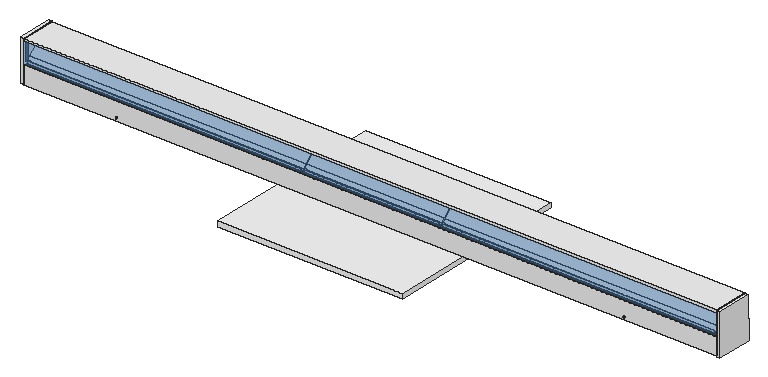
Revit family "BE_50807.1_de_DE", category Leuchten, Revit 2020 (continued)
Definition of nested family "BE_50807.1"
  Forms (mm)
    Extrusion 257, solid, material <- "Material_15"
      sketch origin (-452.785, 0, 0) x (0, 1, 0) y (0, 0, 1)
        loop
          line (-16.705, 78.821) -> (-13.886, 77.795) -> (-13.617, 78.534) -> (-16.436, 79.56) -> (-16.705, 78.821)
      from 130.315 to 133.315
    Extrusion 258, solid, material <- "Material_15"
      sketch origin (-463.769, 0, 0) x (0, 1, 0) y (0, 0, 1)
        loop
          line (16.705, 78.821) -> (16.436, 79.56) -> (13.617, 78.534) -> (13.886, 77.795) -> (16.705, 78.821)
        loop
          line (-16.705, 78.821) -> (-13.886, 77.795) -> (-13.617, 78.534) -> (-16.436, 79.56) -> (-16.705, 78.821)
      from 130.315 to 133.315
    Extrusion 259, solid, material <- "Material_15"
      sketch origin (-474.754, 0, 0) x (0, 1, 0) y (0, 0, 1)
        loop
          line (16.705, 78.821) -> (16.436, 79.56) -> (13.617, 78.534) -> (13.886, 77.795) -> (16.705, 78.821)
        loop
          line (-16.705, 78.821) -> (-13.886, 77.795) -> (-13.617, 78.534) -> (-16.436, 79.56) -> (-16.705, 78.821)
      from 130.315 to 133.315
    Extrusion 260, solid, material <- "Material_15"
      sketch origin (-485.739, 0, 0) x (0, 1, 0) y (0, 0, 1)
        loop
          line (16.705, 78.821) -> (16.436, 79.56) -> (13.617, 78.534) -> (13.886, 77.795) -> (16.705, 78.821)
        loop
          line (-16.705, 78.821) -> (-13.886, 77.795) -> (-13.617, 78.534) -> (-16.436, 79.56) -> (-16.705, 78.821)
      from 130.315 to 133.315
    Extrusion 261, solid, material <- "Material_15"
      sketch origin (-496.723, 0, 0) x (0, 1, 0) y (0, 0, 1)
        loop
          line (16.705, 78.821) -> (16.436, 79.56) -> (13.617, 78.534) -> (13.886, 77.795) -> (16.705, 78.821)
        loop
          line (-16.705, 78.821) -> (-13.886, 77.795) -> (-13.617, 78.534) -> (-16.436, 79.56) -> (-16.705, 78.821)
      from 130.315 to 133.315
    Extrusion 262, solid, material <- "Material_15"
      sketch origin (-507.708, 0, 0) x (0, 1, 0) y (0, 0, 1)
        loop
          line (16.705, 78.821) -> (16.436, 79.56) -> (13.617, 78.534) -> (13.886, 77.795) -> (16.705, 78.821)
        loop
          line (-16.705, 78.821) -> (-13.886, 77.795) -> (-13.617, 78.534) -> (-16.436, 79.56) -> (-16.705, 78.821)
      from 130.315 to 133.315
    Extrusion 263, solid, material <- "Material_15"
      sketch origin (-518.692, 0, 0) x (0, 1, 0) y (0, 0, 1)
        loop
          line (16.705, 78.821) -> (16.436, 79.56) -> (13.617, 78.534) -> (13.886, 77.795) -> (16.705, 78.821)
        loop
          line (-16.705, 78.821) -> (-13.886, 77.795) -> (-13.617, 78.534) -> (-16.436, 79.56) -> (-16.705, 78.821)
      from 130.315 to 133.315
    Extrusion 264, solid, material <- "Material_15"
      sketch origin (-529.677, 0, 0) x (0, 1, 0) y (0, 0, 1)
        loop
          line (16.705, 78.821) -> (16.436, 79.56) -> (13.617, 78.534) -> (13.886, 77.795) -> (16.705, 78.821)
        loop
          line (-16.705, 78.821) -> (-13.886, 77.795) -> (-13.617, 78.534) -> (-16.436, 79.56) -> (-16.705, 78.821)
      from 130.315 to 133.315
    Extrusion 265, solid, material <- "Material_15"
      sketch origin (-540.662, 0, 0) x (0, 1, 0) y (0, 0, 1)
        loop
          line (16.705, 78.821) -> (16.436, 79.56) -> (13.617, 78.534) -> (13.886, 77.795) -> (16.705, 78.821)
        loop
          line (-16.705, 78.821) -> (-13.886, 77.795) -> (-13.617, 78.534) -> (-16.436, 79.56) -> (-16.705, 78.821)
      from 130.315 to 133.315
    Extrusion 266, solid, material <- "Material_15"
      sketch origin (-551.646, 0, 0) x (0, 1, 0) y (0, 0, 1)
        loop
          line (16.705, 78.821) -> (16.436, 79.56) -> (13.617, 78.534) -> (13.886, 77.795) -> (16.705, 78.821)
        loop
          line (-16.705, 78.821) -> (-13.886, 77.795) -> (-13.617, 78.534) -> (-16.436, 79.56) -> (-16.705, 78.821)
      from 130.315 to 133.315
    Extrusion 267, solid, material <- "Material_15"
      sketch origin (-562.631, 0, 0) x (0, 1, 0) y (0, 0, 1)
        loop
          line (16.705, 78.821) -> (16.436, 79.56) -> (13.617, 78.534) -> (13.886, 77.795) -> (16.705, 78.821)
        loop
          line (-16.705, 78.821) -> (-13.886, 77.795) -> (-13.617, 78.534) -> (-16.436, 79.56) -> (-16.705, 78.821)
      from 130.315 to 133.315
    Extrusion 268, solid, material <- "Material_15"
      sketch origin (-263.631, 0, 0) x (0, 1, 0) y (0, 0, 1)
        loop
          line (16.705, 78.821) -> (16.436, 79.56) -> (13.617, 78.534) -> (13.886, 77.795) -> (16.705, 78.821)
        loop
          line (-16.705, 78.821) -> (-13.886, 77.795) -> (-13.617, 78.534) -> (-16.436, 79.56) -> (-16.705, 78.821)
      from 130.315 to 133.315
    Extrusion 269, solid, material <- "Material_15"
      sketch origin (-263.631, 0, 0) x (0, 1, 0) y (0, 0, 1)
        loop
          line (16.705, 78.821) -> (16.436, 79.56) -> (13.617, 78.534) -> (13.886, 77.795) -> (16.705, 78.821)
        loop
          line (-16.705, 78.821) -> (-13.886, 77.795) -> (-13.617, 78.534) -> (-16.436, 79.56) -> (-16.705, 78.821)
      from 130.315 to 133.315
    Extrusion 270, solid, material <- "Material_15"
      sketch origin (-263.631, 0, 0) x (0, 1, 0) y (0, 0, 1)
        loop
          line (16.705, 78.821) -> (16.436, 79.56) -> (13.617, 78.534) -> (13.886, 77.795) -> (16.705, 78.821)
        loop
          line (-16.705, 78.821) -> (-13.886, 77.795) -> (-13.617, 78.534) -> (-16.436, 79.56) -> (-16.705, 78.821)
      from 130.315 to 133.315
    Extrusion 271, solid, material <- "Material_15"
      sketch origin (-263.631, 0, 0) x (0, 1, 0) y (0, 0, 1)
        loop
          line (16.705, 78.821) -> (16.436, 79.56) -> (13.617, 78.534) -> (13.886, 77.795) -> (16.705, 78.821)
        loop
          line (-16.705, 78.821) -> (-13.886, 77.795) -> (-13.617, 78.534) -> (-16.436, 79.56) -> (-16.705, 78.821)
      from 130.315 to 133.315
    Extrusion 272, solid, material <- "Material_15"
      sketch origin (-263.631, 0, 0) x (0, 1, 0) y (0, 0, 1)
        loop
          line (16.705, 78.821) -> (16.436, 79.56) -> (13.617, 78.534) -> (13.886, 77.795) -> (16.705, 78.821)
        loop
          line (-16.705, 78.821) -> (-13.886, 77.795) -> (-13.617, 78.534) -> (-16.436, 79.56) -> (-16.705, 78.821)
      from 130.315 to 133.315
    Extrusion 273, solid, material <- "Material_15"
      sketch origin (-263.631, 0, 0) x (0, 1, 0) y (0, 0, 1)
        loop
          line (16.705, 78.821) -> (16.436, 79.56) -> (13.617, 78.534) -> (13.886, 77.795) -> (16.705, 78.821)
        loop
          line (-16.705, 78.821) -> (-13.886, 77.795) -> (-13.617, 78.534) -> (-16.436, 79.56) -> (-16.705, 78.821)
      from 130.315 to 133.315
    Extrusion 274, solid, material <- "Material_15"
      sketch origin (-263.631, 0, 0) x (0, 1, 0) y (0, 0, 1)
        loop
          line (16.705, 78.821) -> (16.436, 79.56) -> (13.617, 78.534) -> (13.886, 77.795) -> (16.705, 78.821)
        loop
          line (-16.705, 78.821) -> (-13.886, 77.795) -> (-13.617, 78.534) -> (-16.436, 79.56) -> (-16.705, 78.821)
      from 130.315 to 133.315
    Extrusion 275, solid, material <- "Material_15"
      sketch origin (-263.631, 0, 0) x (0, 1, 0) y (0, 0, 1)
        loop
          line (16.705, 78.821) -> (16.436, 79.56) -> (13.617, 78.534) -> (13.886, 77.795) -> (16.705, 78.821)
        loop
          line (-16.705, 78.821) -> (-13.886, 77.795) -> (-13.617, 78.534) -> (-16.436, 79.56) -> (-16.705, 78.821)
      from 130.315 to 133.315
    Extrusion 276, solid, material <- "Material_15"
      sketch origin (-263.631, 0, 0) x (0, 1, 0) y (0, 0, 1)
        loop
          line (16.705, 78.821) -> (16.436, 79.56) -> (13.617, 78.534) -> (13.886, 77.795) -> (16.705, 78.821)
        loop
          line (-16.705, 78.821) -> (-13.886, 77.795) -> (-13.617, 78.534) -> (-16.436, 79.56) -> (-16.705, 78.821)
      from 130.315 to 133.315
    Extrusion 277, solid, material <- "Material_15"
      sketch origin (-263.631, 0, 0) x (0, 1, 0) y (0, 0, 1)
        loop
          line (16.705, 78.821) -> (16.436, 79.56) -> (13.617, 78.534) -> (13.886, 77.795) -> (16.705, 78.821)
        loop
          line (-16.705, 78.821) -> (-13.886, 77.795) -> (-13.617, 78.534) -> (-16.436, 79.56) -> (-16.705, 78.821)
      from 130.315 to 133.315
    Extrusion 278, solid, material <- "Material_15"
      sketch origin (-263.631, 0, 0) x (0, 1, 0) y (0, 0, 1)
        loop
          line (16.705, 78.821) -> (16.436, 79.56) -> (13.617, 78.534) -> (13.886, 77.795) -> (16.705, 78.821)
        loop
          line (-16.705, 78.821) -> (-13.886, 77.795) -> (-13.617, 78.534) -> (-16.436, 79.56) -> (-16.705, 78.821)
      from 130.315 to 133.315
    Extrusion 279, solid, material <- "Material_15"
      sketch origin (-263.631, 0, 0) x (0, 1, 0) y (0, 0, 1)
        loop
          line (16.705, 78.821) -> (16.436, 79.56) -> (13.617, 78.534) -> (13.886, 77.795) -> (16.705, 78.821)
        loop
          line (-16.705, 78.821) -> (-13.886, 77.795) -> (-13.617, 78.534) -> (-16.436, 79.56) -> (-16.705, 78.821)
      from 130.315 to 133.315
    Extrusion 280, solid, material <- "Material_15"
      sketch origin (-263.631, 0, 0) x (0, 1, 0) y (0, 0, 1)
        loop
          line (16.705, 78.821) -> (16.436, 79.56) -> (13.617, 78.534) -> (13.886, 77.795) -> (16.705, 78.821)
        loop
          line (-16.705, 78.821) -> (-13.886, 77.795) -> (-13.617, 78.534) -> (-16.436, 79.56) -> (-16.705, 78.821)
      from 130.315 to 133.315
    Extrusion 281, solid, material <- "Material_15"
      sketch origin (-263.631, 0, 0) x (0, 1, 0) y (0, 0, 1)
        loop
          line (16.705, 78.821) -> (16.436, 79.56) -> (13.617, 78.534) -> (13.886, 77.795) -> (16.705, 78.821)
        loop
          line (-16.705, 78.821) -> (-13.886, 77.795) -> (-13.617, 78.534) -> (-16.436, 79.56) -> (-16.705, 78.821)
      from 130.315 to 133.315
    Extrusion 282, solid, material <- "Material_15"
      sketch origin (-263.631, 0, 0) x (0, 1, 0) y (0, 0, 1)
        loop
          line (16.705, 78.821) -> (16.436, 79.56) -> (13.617, 78.534) -> (13.886, 77.795) -> (16.705, 78.821)
        loop
          line (-16.705, 78.821) -> (-13.886, 77.795) -> (-13.617, 78.534) -> (-16.436, 79.56) -> (-16.705, 78.821)
      from 130.315 to 133.315
    Extrusion 283, solid, material <- "Material_15"
      sketch origin (-263.631, 0, 0) x (0, 1, 0) y (0, 0, 1)
        loop
          line (16.705, 78.821) -> (16.436, 79.56) -> (13.617, 78.534) -> (13.886, 77.795) -> (16.705, 78.821)
        loop
          line (-16.705, 78.821) -> (-13.886, 77.795) -> (-13.617, 78.534) -> (-16.436, 79.56) -> (-16.705, 78.821)
      from 130.315 to 133.315
    Extrusion 284, solid, material <- "Material_15"
      sketch origin (-263.631, 0, 0) x (0, 1, 0) y (0, 0, 1)
        loop
          line (16.705, 78.821) -> (16.436, 79.56) -> (13.617, 78.534) -> (13.886, 77.795) -> (16.705, 78.821)
        loop
          line (-16.705, 78.821) -> (-13.886, 77.795) -> (-13.617, 78.534) -> (-16.436, 79.56) -> (-16.705, 78.821)
      from 130.315 to 133.315
    Extrusion 285, solid, material <- "Material_15"
      sketch origin (-263.631, 0, 0) x (0, 1, 0) y (0, 0, 1)
        loop
          line (16.705, 78.821) -> (16.436, 79.56) -> (13.617, 78.534) -> (13.886, 77.795) -> (16.705, 78.821)
        loop
          line (-16.705, 78.821) -> (-13.886, 77.795) -> (-13.617, 78.534) -> (-16.436, 79.56) -> (-16.705, 78.821)
      from 130.315 to 133.315
    Extrusion 286, solid, material <- "Material_15"
      sketch origin (-263.631, 0, 0) x (0, 1, 0) y (0, 0, 1)
        loop
          line (16.705, 78.821) -> (16.436, 79.56) -> (13.617, 78.534) -> (13.886, 77.795) -> (16.705, 78.821)
        loop
          line (-16.705, 78.821) -> (-13.886, 77.795) -> (-13.617, 78.534) -> (-16.436, 79.56) -> (-16.705, 78.821)
      from 130.315 to 133.315
    Extrusion 287, solid, material <- "Material_15"
      sketch origin (-263.631, 0, 0) x (0, 1, 0) y (0, 0, 1)
        loop
          line (16.705, 78.821) -> (16.436, 79.56) -> (13.617, 78.534) -> (13.886, 77.795) -> (16.705, 78.821)
        loop
          line (-16.705, 78.821) -> (-13.886, 77.795) -> (-13.617, 78.534) -> (-16.436, 79.56) -> (-16.705, 78.821)
      from 130.315 to 133.315
    Extrusion 288, solid, material <- "Material_15"
      sketch origin (-263.631, 0, 0) x (0, 1, 0) y (0, 0, 1)
        loop
          line (16.705, 78.821) -> (16.436, 79.56) -> (13.617, 78.534) -> (13.886, 77.795) -> (16.705, 78.821)
        loop
          line (-16.705, 78.821) -> (-13.886, 77.795) -> (-13.617, 78.534) -> (-16.436, 79.56) -> (-16.705, 78.821)
      from 130.315 to 133.315
    Extrusion 289, solid, material <- "Material_15"
      sketch origin (-263.631, 0, 0) x (0, 1, 0) y (0, 0, 1)
        loop
          line (16.705, 78.821) -> (16.436, 79.56) -> (13.617, 78.534) -> (13.886, 77.795) -> (16.705, 78.821)
        loop
          line (-16.705, 78.821) -> (-13.886, 77.795) -> (-13.617, 78.534) -> (-16.436, 79.56) -> (-16.705, 78.821)
      from 130.315 to 133.315
    Extrusion 290, solid, material <- "Material_15"
      sketch origin (-263.631, 0, 0) x (0, 1, 0) y (0, 0, 1)
        loop
          line (16.705, 78.821) -> (16.436, 79.56) -> (13.617, 78.534) -> (13.886, 77.795) -> (16.705, 78.821)
        loop
          line (-16.705, 78.821) -> (-13.886, 77.795) -> (-13.617, 78.534) -> (-16.436, 79.56) -> (-16.705, 78.821)
      from 130.315 to 133.315
    Extrusion 291, solid, material <- "Material_15"
      sketch origin (-263.631, 0, 0) x (0, 1, 0) y (0, 0, 1)
        loop
          line (16.705, 78.821) -> (16.436, 79.56) -> (13.617, 78.534) -> (13.886, 77.795) -> (16.705, 78.821)
        loop
          line (-16.705, 78.821) -> (-13.886, 77.795) -> (-13.617, 78.534) -> (-16.436, 79.56) -> (-16.705, 78.821)
      from 130.315 to 133.315
    Extrusion 292, solid, material <- "Material_15"
      sketch origin (-263.631, 0, 0) x (0, 1, 0) y (0, 0, 1)
        loop
          line (16.705, 78.821) -> (16.436, 79.56) -> (13.617, 78.534) -> (13.886, 77.795) -> (16.705, 78.821)
        loop
          line (-16.705, 78.821) -> (-13.886, 77.795) -> (-13.617, 78.534) -> (-16.436, 79.56) -> (-16.705, 78.821)
      from 130.315 to 133.315
    Extrusion 293, solid, material <- "Material_15"
      sketch origin (-263.631, 0, 0) x (0, 1, 0) y (0, 0, 1)
        loop
          line (16.705, 78.821) -> (16.436, 79.56) -> (13.617, 78.534) -> (13.886, 77.795) -> (16.705, 78.821)
        loop
          line (-16.705, 78.821) -> (-13.886, 77.795) -> (-13.617, 78.534) -> (-16.436, 79.56) -> (-16.705, 78.821)
      from 130.315 to 133.315
    Extrusion 294, solid, material <- "Material_15"
      sketch origin (-263.631, 0, 0) x (0, 1, 0) y (0, 0, 1)
        loop
          line (16.705, 78.821) -> (16.436, 79.56) -> (13.617, 78.534) -> (13.886, 77.795) -> (16.705, 78.821)
        loop
          line (-16.705, 78.821) -> (-13.886, 77.795) -> (-13.617, 78.534) -> (-16.436, 79.56) -> (-16.705, 78.821)
      from 130.315 to 133.315
    Extrusion 295, solid, material <- "Material_15"
      sketch origin (-263.631, 0, 0) x (0, 1, 0) y (0, 0, 1)
        loop
          line (16.705, 78.821) -> (16.436, 79.56) -> (13.617, 78.534) -> (13.886, 77.795) -> (16.705, 78.821)
        loop
          line (-16.705, 78.821) -> (-13.886, 77.795) -> (-13.617, 78.534) -> (-16.436, 79.56) -> (-16.705, 78.821)
      from 130.315 to 133.315
    Extrusion 296, solid, material <- "Material_15"
      sketch origin (-263.631, 0, 0) x (0, 1, 0) y (0, 0, 1)
        loop
          line (16.705, 78.821) -> (16.436, 79.56) -> (13.617, 78.534) -> (13.886, 77.795) -> (16.705, 78.821)
        loop
          line (-16.705, 78.821) -> (-13.886, 77.795) -> (-13.617, 78.534) -> (-16.436, 79.56) -> (-16.705, 78.821)
      from 130.315 to 133.315
    Extrusion 297, solid, material <- "Material_15"
      sketch origin (-263.631, 0, 0) x (0, 1, 0) y (0, 0, 1)
        loop
          line (16.705, 78.821) -> (16.436, 79.56) -> (13.617, 78.534) -> (13.886, 77.795) -> (16.705, 78.821)
        loop
          line (-16.705, 78.821) -> (-13.886, 77.795) -> (-13.617, 78.534) -> (-16.436, 79.56) -> (-16.705, 78.821)
      from 130.315 to 133.315
    Extrusion 298, solid, material <- "Material_15"
      sketch origin (-263.631, 0, 0) x (0, 1, 0) y (0, 0, 1)
        loop
          line (16.705, 78.821) -> (16.436, 79.56) -> (13.617, 78.534) -> (13.886, 77.795) -> (16.705, 78.821)
        loop
          line (-16.705, 78.821) -> (-13.886, 77.795) -> (-13.617, 78.534) -> (-16.436, 79.56) -> (-16.705, 78.821)
      from 130.315 to 133.315
    Extrusion 299, solid, material <- "Material_15"
      sketch origin (-263.631, 0, 0) x (0, 1, 0) y (0, 0, 1)
        loop
          line (16.705, 78.821) -> (16.436, 79.56) -> (13.617, 78.534) -> (13.886, 77.795) -> (16.705, 78.821)
        loop
          line (-16.705, 78.821) -> (-13.886, 77.795) -> (-13.617, 78.534) -> (-16.436, 79.56) -> (-16.705, 78.821)
      from 130.315 to 133.315
    Extrusion 300, solid, material <- "Material_15"
      sketch origin (-263.631, 0, 0) x (0, 1, 0) y (0, 0, 1)
        loop
          line (16.705, 78.821) -> (16.436, 79.56) -> (13.617, 78.534) -> (13.886, 77.795) -> (16.705, 78.821)
        loop
          line (-16.705, 78.821) -> (-13.886, 77.795) -> (-13.617, 78.534) -> (-16.436, 79.56) -> (-16.705, 78.821)
      from 130.315 to 133.315
    Extrusion 301, solid, material <- "Material_15"
      sketch origin (-263.631, 0, 0) x (0, 1, 0) y (0, 0, 1)
        loop
          line (16.705, 78.821) -> (16.436, 79.56) -> (13.617, 78.534) -> (13.886, 77.795) -> (16.705, 78.821)
        loop
          line (-16.705, 78.821) -> (-13.886, 77.795) -> (-13.617, 78.534) -> (-16.436, 79.56) -> (-16.705, 78.821)
      from 130.315 to 133.315
    Extrusion 302, solid, material <- "Material_15"
      sketch origin (-263.631, 0, 0) x (0, 1, 0) y (0, 0, 1)
        loop
          line (16.705, 78.821) -> (16.436, 79.56) -> (13.617, 78.534) -> (13.886, 77.795) -> (16.705, 78.821)
        loop
          line (-16.705, 78.821) -> (-13.886, 77.795) -> (-13.617, 78.534) -> (-16.436, 79.56) -> (-16.705, 78.821)
      from 130.315 to 133.315
    Extrusion 303, solid, material <- "Material_15"
      sketch origin (-263.631, 0, 0) x (0, 1, 0) y (0, 0, 1)
        loop
          line (16.705, 78.821) -> (16.436, 79.56) -> (13.617, 78.534) -> (13.886, 77.795) -> (16.705, 78.821)
        loop
          line (-16.705, 78.821) -> (-13.886, 77.795) -> (-13.617, 78.534) -> (-16.436, 79.56) -> (-16.705, 78.821)
      from 130.315 to 133.315
    Extrusion 304, solid, material <- "Material_15"
      sketch origin (-263.631, 0, 0) x (0, 1, 0) y (0, 0, 1)
        loop
          line (16.705, 78.821) -> (16.436, 79.56) -> (13.617, 78.534) -> (13.886, 77.795) -> (16.705, 78.821)
        loop
          line (-16.705, 78.821) -> (-13.886, 77.795) -> (-13.617, 78.534) -> (-16.436, 79.56) -> (-16.705, 78.821)
      from 130.315 to 133.315
    Extrusion 305, solid, material <- "Material_15"
      sketch origin (-263.631, 0, 0) x (0, 1, 0) y (0, 0, 1)
        loop
          line (16.705, 78.821) -> (16.436, 79.56) -> (13.617, 78.534) -> (13.886, 77.795) -> (16.705, 78.821)
        loop
          line (-16.705, 78.821) -> (-13.886, 77.795) -> (-13.617, 78.534) -> (-16.436, 79.56) -> (-16.705, 78.821)
      from 130.315 to 133.315
    Extrusion 306, solid, material <- "Material_15"
      sketch origin (-263.631, 0, 0) x (0, 1, 0) y (0, 0, 1)
        loop
          line (16.705, 78.821) -> (16.436, 79.56) -> (13.617, 78.534) -> (13.886, 77.795) -> (16.705, 78.821)
        loop
          line (-16.705, 78.821) -> (-13.886, 77.795) -> (-13.617, 78.534) -> (-16.436, 79.56) -> (-16.705, 78.821)
      from 130.315 to 133.315
    Extrusion 307, solid, material <- "Material_15"
      sketch origin (-263.631, 0, 0) x (0, 1, 0) y (0, 0, 1)
        loop
          line (16.705, 78.821) -> (16.436, 79.56) -> (13.617, 78.534) -> (13.886, 77.795) -> (16.705, 78.821)
        loop
          line (-16.705, 78.821) -> (-13.886, 77.795) -> (-13.617, 78.534) -> (-16.436, 79.56) -> (-16.705, 78.821)
      from 130.315 to 133.315
    Extrusion 308, solid, material <- "Material_15"
      sketch origin (-263.631, 0, 0) x (0, 1, 0) y (0, 0, 1)
        loop
          line (16.705, 78.821) -> (16.436, 79.56) -> (13.617, 78.534) -> (13.886, 77.795) -> (16.705, 78.821)
        loop
          line (-16.705, 78.821) -> (-13.886, 77.795) -> (-13.617, 78.534) -> (-16.436, 79.56) -> (-16.705, 78.821)
      from 130.315 to 133.315
    Extrusion 309, solid, material <- "Material_15"
      sketch origin (-263.631, 0, 0) x (0, 1, 0) y (0, 0, 1)
        loop
          line (16.705, 78.821) -> (16.436, 79.56) -> (13.617, 78.534) -> (13.886, 77.795) -> (16.705, 78.821)
        loop
          line (-16.705, 78.821) -> (-13.886, 77.795) -> (-13.617, 78.534) -> (-16.436, 79.56) -> (-16.705, 78.821)
      from 130.315 to 133.315
    Extrusion 310, solid, material <- "Material_15"
      sketch origin (-263.631, 0, 0) x (0, 1, 0) y (0, 0, 1)
        loop
          line (16.705, 78.821) -> (16.436, 79.56) -> (13.617, 78.534) -> (13.886, 77.795) -> (16.705, 78.821)
        loop
          line (-16.705, 78.821) -> (-13.886, 77.795) -> (-13.617, 78.534) -> (-16.436, 79.56) -> (-16.705, 78.821)
      from 130.315 to 133.315
    Extrusion 311, solid, material <- "Material_15"
      sketch origin (-263.631, 0, 0) x (0, 1, 0) y (0, 0, 1)
        loop
          line (16.705, 78.821) -> (16.436, 79.56) -> (13.617, 78.534) -> (13.886, 77.795) -> (16.705, 78.821)
        loop
          line (-16.705, 78.821) -> (-13.886, 77.795) -> (-13.617, 78.534) -> (-16.436, 79.56) -> (-16.705, 78.821)
      from 130.315 to 133.315
    Extrusion 312, solid, material <- "Material_15"
      sketch origin (-263.631, 0, 0) x (0, 1, 0) y (0, 0, 1)
        loop
          line (16.705, 78.821) -> (16.436, 79.56) -> (13.617, 78.534) -> (13.886, 77.795) -> (16.705, 78.821)
        loop
          line (-16.705, 78.821) -> (-13.886, 77.795) -> (-13.617, 78.534) -> (-16.436, 79.56) -> (-16.705, 78.821)
      from 130.315 to 133.315
    Extrusion 313, solid, material <- "Material_15"
      sketch origin (-263.631, 0, 0) x (0, 1, 0) y (0, 0, 1)
        loop
          line (16.705, 78.821) -> (16.436, 79.56) -> (13.617, 78.534) -> (13.886, 77.795) -> (16.705, 78.821)
        loop
          line (-16.705, 78.821) -> (-13.886, 77.795) -> (-13.617, 78.534) -> (-16.436, 79.56) -> (-16.705, 78.821)
      from 130.315 to 133.315
    Extrusion 314, solid, material <- "Material_15"
      sketch origin (-263.631, 0, 0) x (0, 1, 0) y (0, 0, 1)
        loop
          line (16.705, 78.821) -> (16.436, 79.56) -> (13.617, 78.534) -> (13.886, 77.795) -> (16.705, 78.821)
        loop
          line (-16.705, 78.821) -> (-13.886, 77.795) -> (-13.617, 78.534) -> (-16.436, 79.56) -> (-16.705, 78.821)
      from 130.315 to 133.315
    Extrusion 315, solid, material <- "Material_15"
      sketch origin (-263.631, 0, 0) x (0, 1, 0) y (0, 0, 1)
        loop
          line (16.705, 78.821) -> (16.436, 79.56) -> (13.617, 78.534) -> (13.886, 77.795) -> (16.705, 78.821)
        loop
          line (-16.705, 78.821) -> (-13.886, 77.795) -> (-13.617, 78.534) -> (-16.436, 79.56) -> (-16.705, 78.821)
      from 130.315 to 133.315
    Extrusion 316, solid, material <- "Material_15"
      sketch origin (-263.631, 0, 0) x (0, 1, 0) y (0, 0, 1)
        loop
          line (16.705, 78.821) -> (16.436, 79.56) -> (13.617, 78.534) -> (13.886, 77.795) -> (16.705, 78.821)
        loop
          line (-16.705, 78.821) -> (-13.886, 77.795) -> (-13.617, 78.534) -> (-16.436, 79.56) -> (-16.705, 78.821)
      from 130.315 to 133.315
    Extrusion 317, solid, material <- "Material_15"
      sketch origin (-263.631, 0, 0) x (0, 1, 0) y (0, 0, 1)
        loop
          line (16.705, 78.821) -> (16.436, 79.56) -> (13.617, 78.534) -> (13.886, 77.795) -> (16.705, 78.821)
        loop
          line (-16.705, 78.821) -> (-13.886, 77.795) -> (-13.617, 78.534) -> (-16.436, 79.56) -> (-16.705, 78.821)
      from 130.315 to 133.315
    Extrusion 318, solid, material <- "Material_15"
      sketch origin (-263.631, 0, 0) x (0, 1, 0) y (0, 0, 1)
        loop
          line (16.705, 78.821) -> (16.436, 79.56) -> (13.617, 78.534) -> (13.886, 77.795) -> (16.705, 78.821)
        loop
          line (-16.705, 78.821) -> (-13.886, 77.795) -> (-13.617, 78.534) -> (-16.436, 79.56) -> (-16.705, 78.821)
      from 130.315 to 133.315
    Extrusion 319, solid, material <- "Material_15"
      sketch origin (-263.631, 0, 0) x (0, 1, 0) y (0, 0, 1)
        loop
          line (16.705, 78.821) -> (16.436, 79.56) -> (13.617, 78.534) -> (13.886, 77.795) -> (16.705, 78.821)
        loop
          line (-16.705, 78.821) -> (-13.886, 77.795) -> (-13.617, 78.534) -> (-16.436, 79.56) -> (-16.705, 78.821)
      from 130.315 to 133.315
    Extrusion 320, solid, material <- "Material_15"
      sketch origin (-263.631, 0, 0) x (0, 1, 0) y (0, 0, 1)
        loop
          line (16.705, 78.821) -> (16.436, 79.56) -> (13.617, 78.534) -> (13.886, 77.795) -> (16.705, 78.821)
        loop
          line (-16.705, 78.821) -> (-13.886, 77.795) -> (-13.617, 78.534) -> (-16.436, 79.56) -> (-16.705, 78.821)
      from 130.315 to 133.315
    Extrusion 321, solid, material <- "Material_15"
      sketch origin (-263.631, 0, 0) x (0, 1, 0) y (0, 0, 1)
        loop
          line (16.705, 78.821) -> (16.436, 79.56) -> (13.617, 78.534) -> (13.886, 77.795) -> (16.705, 78.821)
        loop
          line (-16.705, 78.821) -> (-13.886, 77.795) -> (-13.617, 78.534) -> (-16.436, 79.56) -> (-16.705, 78.821)
      from 130.315 to 133.315
    Extrusion 322, solid, material <- "Material_15"
      sketch origin (-263.631, 0, 0) x (0, 1, 0) y (0, 0, 1)
        loop
          line (16.705, 78.821) -> (16.436, 79.56) -> (13.617, 78.534) -> (13.886, 77.795) -> (16.705, 78.821)
        loop
          line (-16.705, 78.821) -> (-13.886, 77.795) -> (-13.617, 78.534) -> (-16.436, 79.56) -> (-16.705, 78.821)
      from 130.315 to 133.315
    Extrusion 323, solid, material <- "Material_15"
      sketch origin (-263.631, 0, 0) x (0, 1, 0) y (0, 0, 1)
        loop
          line (16.705, 78.821) -> (16.436, 79.56) -> (13.617, 78.534) -> (13.886, 77.795) -> (16.705, 78.821)
        loop
          line (-16.705, 78.821) -> (-13.886, 77.795) -> (-13.617, 78.534) -> (-16.436, 79.56) -> (-16.705, 78.821)
      from 130.315 to 133.315
    Extrusion 324, solid, material <- "Material_15"
      sketch origin (-263.631, 0, 0) x (0, 1, 0) y (0, 0, 1)
        loop
          line (16.705, 78.821) -> (16.436, 79.56) -> (13.617, 78.534) -> (13.886, 77.795) -> (16.705, 78.821)
        loop
          line (-16.705, 78.821) -> (-13.886, 77.795) -> (-13.617, 78.534) -> (-16.436, 79.56) -> (-16.705, 78.821)
      from 130.315 to 133.315
    Extrusion 325, solid, material <- "Material_15"
      sketch origin (-263.631, 0, 0) x (0, 1, 0) y (0, 0, 1)
        loop
          line (16.705, 78.821) -> (16.436, 79.56) -> (13.617, 78.534) -> (13.886, 77.795) -> (16.705, 78.821)
        loop
          line (-16.705, 78.821) -> (-13.886, 77.795) -> (-13.617, 78.534) -> (-16.436, 79.56) -> (-16.705, 78.821)
      from 130.315 to 133.315
    Extrusion 326, solid, material <- "Material_15"
      sketch origin (-263.631, 0, 0) x (0, 1, 0) y (0, 0, 1)
        loop
          line (16.705, 78.821) -> (16.436, 79.56) -> (13.617, 78.534) -> (13.886, 77.795) -> (16.705, 78.821)
        loop
          line (-16.705, 78.821) -> (-13.886, 77.795) -> (-13.617, 78.534) -> (-16.436, 79.56) -> (-16.705, 78.821)
      from 130.315 to 133.315
    Extrusion 327, solid, material <- "Material_15"
      sketch origin (-263.631, 0, 0) x (0, 1, 0) y (0, 0, 1)
        loop
          line (16.705, 78.821) -> (16.436, 79.56) -> (13.617, 78.534) -> (13.886, 77.795) -> (16.705, 78.821)
        loop
          line (-16.705, 78.821) -> (-13.886, 77.795) -> (-13.617, 78.534) -> (-16.436, 79.56) -> (-16.705, 78.821)
      from 130.315 to 133.315
    Extrusion 328, solid, material <- "Material_15"
      sketch origin (-263.631, 0, 0) x (0, 1, 0) y (0, 0, 1)
        loop
          line (16.705, 78.821) -> (16.436, 79.56) -> (13.617, 78.534) -> (13.886, 77.795) -> (16.705, 78.821)
        loop
          line (-16.705, 78.821) -> (-13.886, 77.795) -> (-13.617, 78.534) -> (-16.436, 79.56) -> (-16.705, 78.821)
      from 130.315 to 133.315
    Extrusion 329, solid, material <- "Material_15"
      sketch origin (-263.631, 0, 0) x (0, 1, 0) y (0, 0, 1)
        loop
          line (16.705, 78.821) -> (16.436, 79.56) -> (13.617, 78.534) -> (13.886, 77.795) -> (16.705, 78.821)
        loop
          line (-16.705, 78.821) -> (-13.886, 77.795) -> (-13.617, 78.534) -> (-16.436, 79.56) -> (-16.705, 78.821)
      from 130.315 to 133.315
    Extrusion 330, solid, material <- "Material_15"
      sketch origin (-263.631, 0, 0) x (0, 1, 0) y (0, 0, 1)
        loop
          line (16.705, 78.821) -> (16.436, 79.56) -> (13.617, 78.534) -> (13.886, 77.795) -> (16.705, 78.821)
        loop
          line (-16.705, 78.821) -> (-13.886, 77.795) -> (-13.617, 78.534) -> (-16.436, 79.56) -> (-16.705, 78.821)
      from 130.315 to 133.315
    Extrusion 331, solid, material <- "Material_15"
      sketch origin (-263.631, 0, 0) x (0, 1, 0) y (0, 0, 1)
        loop
          line (16.705, 78.821) -> (16.436, 79.56) -> (13.617, 78.534) -> (13.886, 77.795) -> (16.705, 78.821)
        loop
          line (-16.705, 78.821) -> (-13.886, 77.795) -> (-13.617, 78.534) -> (-16.436, 79.56) -> (-16.705, 78.821)
      from 130.315 to 133.315
    Extrusion 332, solid, material <- "Material_15"
      sketch origin (-263.631, 0, 0) x (0, 1, 0) y (0, 0, 1)
        loop
          line (16.705, 78.821) -> (16.436, 79.56) -> (13.617, 78.534) -> (13.886, 77.795) -> (16.705, 78.821)
        loop
          line (-16.705, 78.821) -> (-13.886, 77.795) -> (-13.617, 78.534) -> (-16.436, 79.56) -> (-16.705, 78.821)
      from 130.315 to 133.315
    Extrusion 333, solid, material <- "Material_15"
      sketch origin (-263.631, 0, 0) x (0, 1, 0) y (0, 0, 1)
        loop
          line (16.705, 78.821) -> (16.436, 79.56) -> (13.617, 78.534) -> (13.886, 77.795) -> (16.705, 78.821)
        loop
          line (-16.705, 78.821) -> (-13.886, 77.795) -> (-13.617, 78.534) -> (-16.436, 79.56) -> (-16.705, 78.821)
      from 130.315 to 133.315
    Extrusion 334, solid, material <- "Material_15"
      sketch origin (-263.631, 0, 0) x (0, 1, 0) y (0, 0, 1)
        loop
          line (16.705, 78.821) -> (16.436, 79.56) -> (13.617, 78.534) -> (13.886, 77.795) -> (16.705, 78.821)
        loop
          line (-16.705, 78.821) -> (-13.886, 77.795) -> (-13.617, 78.534) -> (-16.436, 79.56) -> (-16.705, 78.821)
      from 130.315 to 133.315
    Extrusion 335, solid, material <- "Material_15"
      sketch origin (-263.631, 0, 0) x (0, 1, 0) y (0, 0, 1)
        loop
          line (16.705, 78.821) -> (16.436, 79.56) -> (13.617, 78.534) -> (13.886, 77.795) -> (16.705, 78.821)
        loop
          line (-16.705, 78.821) -> (-13.886, 77.795) -> (-13.617, 78.534) -> (-16.436, 79.56) -> (-16.705, 78.821)
      from 130.315 to 133.315
    Extrusion 336, solid, material <- "Material_15"
      sketch origin (-263.631, 0, 0) x (0, 1, 0) y (0, 0, 1)
        loop
          line (16.705, 78.821) -> (16.436, 79.56) -> (13.617, 78.534) -> (13.886, 77.795) -> (16.705, 78.821)
        loop
          line (-16.705, 78.821) -> (-13.886, 77.795) -> (-13.617, 78.534) -> (-16.436, 79.56) -> (-16.705, 78.821)
      from 130.315 to 133.315
    Extrusion 337, solid, material <- "Material_15"
      sketch origin (-263.631, 0, 0) x (0, 1, 0) y (0, 0, 1)
        loop
          line (16.705, 78.821) -> (16.436, 79.56) -> (13.617, 78.534) -> (13.886, 77.795) -> (16.705, 78.821)
        loop
          line (-16.705, 78.821) -> (-13.886, 77.795) -> (-13.617, 78.534) -> (-16.436, 79.56) -> (-16.705, 78.821)
      from 130.315 to 133.315
    Extrusion 338, solid, material <- "Material_15"
      sketch origin (-263.631, 0, 0) x (0, 1, 0) y (0, 0, 1)
        loop
          line (16.705, 78.821) -> (16.436, 79.56) -> (13.617, 78.534) -> (13.886, 77.795) -> (16.705, 78.821)
        loop
          line (-16.705, 78.821) -> (-13.886, 77.795) -> (-13.617, 78.534) -> (-16.436, 79.56) -> (-16.705, 78.821)
      from 130.315 to 133.315
    Extrusion 339, solid, material <- "Material_15"
      sketch origin (-263.631, 0, 0) x (0, 1, 0) y (0, 0, 1)
        loop
          line (16.705, 78.821) -> (16.436, 79.56) -> (13.617, 78.534) -> (13.886, 77.795) -> (16.705, 78.821)
        loop
          line (-16.705, 78.821) -> (-13.886, 77.795) -> (-13.617, 78.534) -> (-16.436, 79.56) -> (-16.705, 78.821)
      from 130.315 to 133.315
    Extrusion 340, solid, material <- "Material_15"
      sketch origin (-263.631, 0, 0) x (0, 1, 0) y (0, 0, 1)
        loop
          line (16.705, 78.821) -> (16.436, 79.56) -> (13.617, 78.534) -> (13.886, 77.795) -> (16.705, 78.821)
        loop
          line (-16.705, 78.821) -> (-13.886, 77.795) -> (-13.617, 78.534) -> (-16.436, 79.56) -> (-16.705, 78.821)
      from 130.315 to 133.315
    Extrusion 341, solid, material <- "Material_15"
      sketch origin (-263.631, 0, 0) x (0, 1, 0) y (0, 0, 1)
        loop
          line (16.705, 78.821) -> (16.436, 79.56) -> (13.617, 78.534) -> (13.886, 77.795) -> (16.705, 78.821)
        loop
          line (-16.705, 78.821) -> (-13.886, 77.795) -> (-13.617, 78.534) -> (-16.436, 79.56) -> (-16.705, 78.821)
      from 130.315 to 133.315
    Extrusion 342, solid, material <- "Material_15"
      sketch origin (0, 0, 0) x (0, 1, 0) y (0, 0, 1)
        loop
          line (16.705, 78.821) -> (16.436, 79.56) -> (13.617, 78.534) -> (13.886, 77.795) -> (16.705, 78.821)
        loop
          line (-16.705, 78.821) -> (-13.886, 77.795) -> (-13.617, 78.534) -> (-16.436, 79.56) -> (-16.705, 78.821)
      from 130.315 to 133.315
    Extrusion 343, solid, material <- "Material_15"
      sketch origin (-10.985, 0, 0) x (0, 1, 0) y (0, 0, 1)
        loop
          line (16.705, 78.821) -> (16.436, 79.56) -> (13.617, 78.534) -> (13.886, 77.795) -> (16.705, 78.821)
        loop
          line (-16.705, 78.821) -> (-13.886, 77.795) -> (-13.617, 78.534) -> (-16.436, 79.56) -> (-16.705, 78.821)
      from 130.315 to 133.315
    Extrusion 344, solid, material <- "Material_15"
      sketch origin (-21.969, 0, 0) x (0, 1, 0) y (0, 0, 1)
        loop
          line (16.705, 78.821) -> (16.436, 79.56) -> (13.617, 78.534) -> (13.886, 77.795) -> (16.705, 78.821)
        loop
          line (-16.705, 78.821) -> (-13.886, 77.795) -> (-13.617, 78.534) -> (-16.436, 79.56) -> (-16.705, 78.821)
      from 130.315 to 133.315
    Extrusion 345, solid, material <- "Material_15"
      sketch origin (-32.954, 0, 0) x (0, 1, 0) y (0, 0, 1)
        loop
          line (16.705, 78.821) -> (16.436, 79.56) -> (13.617, 78.534) -> (13.886, 77.795) -> (16.705, 78.821)
        loop
          line (-16.705, 78.821) -> (-13.886, 77.795) -> (-13.617, 78.534) -> (-16.436, 79.56) -> (-16.705, 78.821)
      from 130.315 to 133.315
    Extrusion 346, solid, material <- "Material_15"
      sketch origin (-43.939, 0, 0) x (0, 1, 0) y (0, 0, 1)
        loop
          line (16.705, 78.821) -> (16.436, 79.56) -> (13.617, 78.534) -> (13.886, 77.795) -> (16.705, 78.821)
        loop
          line (-16.705, 78.821) -> (-13.886, 77.795) -> (-13.617, 78.534) -> (-16.436, 79.56) -> (-16.705, 78.821)
      from 130.315 to 133.315
    Extrusion 347, solid, material <- "Material_15"
      sketch origin (-54.923, 0, 0) x (0, 1, 0) y (0, 0, 1)
        loop
          line (16.705, 78.821) -> (16.436, 79.56) -> (13.617, 78.534) -> (13.886, 77.795) -> (16.705, 78.821)
        loop
          line (-16.705, 78.821) -> (-13.886, 77.795) -> (-13.617, 78.534) -> (-16.436, 79.56) -> (-16.705, 78.821)
      from 130.315 to 133.315
    Extrusion 348, solid, material <- "Material_15"
      sketch origin (-65.908, 0, 0) x (0, 1, 0) y (0, 0, 1)
        loop
          line (16.705, 78.821) -> (16.436, 79.56) -> (13.617, 78.534) -> (13.886, 77.795) -> (16.705, 78.821)
        loop
          line (-16.705, 78.821) -> (-13.886, 77.795) -> (-13.617, 78.534) -> (-16.436, 79.56) -> (-16.705, 78.821)
      from 130.315 to 133.315
    Extrusion 349, solid, material <- "Material_15"
      sketch origin (-76.892, 0, 0) x (0, 1, 0) y (0, 0, 1)
        loop
          line (16.705, 78.821) -> (16.436, 79.56) -> (13.617, 78.534) -> (13.886, 77.795) -> (16.705, 78.821)
        loop
          line (-16.705, 78.821) -> (-13.886, 77.795) -> (-13.617, 78.534) -> (-16.436, 79.56) -> (-16.705, 78.821)
      from 130.315 to 133.315
    Extrusion 350, solid, material <- "Material_15"
      sketch origin (-87.877, 0, 0) x (0, 1, 0) y (0, 0, 1)
        loop
          line (16.705, 78.821) -> (16.436, 79.56) -> (13.617, 78.534) -> (13.886, 77.795) -> (16.705, 78.821)
        loop
          line (-16.705, 78.821) -> (-13.886, 77.795) -> (-13.617, 78.534) -> (-16.436, 79.56) -> (-16.705, 78.821)
      from 130.315 to 133.315
    Extrusion 351, solid, material <- "Material_15"
      sketch origin (-98.862, 0, 0) x (0, 1, 0) y (0, 0, 1)
        loop
          line (16.705, 78.821) -> (16.436, 79.56) -> (13.617, 78.534) -> (13.886, 77.795) -> (16.705, 78.821)
        loop
          line (-16.705, 78.821) -> (-13.886, 77.795) -> (-13.617, 78.534) -> (-16.436, 79.56) -> (-16.705, 78.821)
      from 130.315 to 133.315
    Extrusion 352, solid, material <- "Material_15"
      sketch origin (-109.846, 0, 0) x (0, 1, 0) y (0, 0, 1)
        loop
          line (16.705, 78.821) -> (16.436, 79.56) -> (13.617, 78.534) -> (13.886, 77.795) -> (16.705, 78.821)
        loop
          line (-16.705, 78.821) -> (-13.886, 77.795) -> (-13.617, 78.534) -> (-16.436, 79.56) -> (-16.705, 78.821)
      from 130.315 to 133.315
    Extrusion 353, solid, material <- "Material_15"
      sketch origin (-120.831, 0, 0) x (0, 1, 0) y (0, 0, 1)
        loop
          line (16.705, 78.821) -> (16.436, 79.56) -> (13.617, 78.534) -> (13.886, 77.795) -> (16.705, 78.821)
        loop
          line (-16.705, 78.821) -> (-13.886, 77.795) -> (-13.617, 78.534) -> (-16.436, 79.56) -> (-16.705, 78.821)
      from 130.315 to 133.315
    Extrusion 354, solid, material <- "Material_15"
      sketch origin (-131.816, 0, 0) x (0, 1, 0) y (0, 0, 1)
        loop
          line (16.705, 78.821) -> (16.436, 79.56) -> (13.617, 78.534) -> (13.886, 77.795) -> (16.705, 78.821)
        loop
          line (-16.705, 78.821) -> (-13.886, 77.795) -> (-13.617, 78.534) -> (-16.436, 79.56) -> (-16.705, 78.821)
      from 130.315 to 133.315
    Extrusion 355, solid, material <- "Material_15"
      sketch origin (-142.8, 0, 0) x (0, 1, 0) y (0, 0, 1)
        loop
          line (16.705, 78.821) -> (16.436, 79.56) -> (13.617, 78.534) -> (13.886, 77.795) -> (16.705, 78.821)
        loop
          line (-16.705, 78.821) -> (-13.886, 77.795) -> (-13.617, 78.534) -> (-16.436, 79.56) -> (-16.705, 78.821)
      from 130.315 to 133.315
    Extrusion 356, solid, material <- "Material_15"
      sketch origin (-153.785, 0, 0) x (0, 1, 0) y (0, 0, 1)
        loop
          line (16.705, 78.821) -> (16.436, 79.56) -> (13.617, 78.534) -> (13.886, 77.795) -> (16.705, 78.821)
        loop
          line (-16.705, 78.821) -> (-13.886, 77.795) -> (-13.617, 78.534) -> (-16.436, 79.56) -> (-16.705, 78.821)
      from 130.315 to 133.315
    Extrusion 357, solid, material <- "Material_15"
      sketch origin (-164.769, 0, 0) x (0, 1, 0) y (0, 0, 1)
        loop
          line (16.705, 78.821) -> (16.436, 79.56) -> (13.617, 78.534) -> (13.886, 77.795) -> (16.705, 78.821)
        loop
          line (-16.705, 78.821) -> (-13.886, 77.795) -> (-13.617, 78.534) -> (-16.436, 79.56) -> (-16.705, 78.821)
      from 130.315 to 133.315
    Extrusion 358, solid, material <- "Material_15"
      sketch origin (-175.754, 0, 0) x (0, 1, 0) y (0, 0, 1)
        loop
          line (16.705, 78.821) -> (16.436, 79.56) -> (13.617, 78.534) -> (13.886, 77.795) -> (16.705, 78.821)
        loop
          line (-16.705, 78.821) -> (-13.886, 77.795) -> (-13.617, 78.534) -> (-16.436, 79.56) -> (-16.705, 78.821)
      from 130.315 to 133.315
    Extrusion 359, solid, material <- "Material_15"
      sketch origin (-186.739, 0, 0) x (0, 1, 0) y (0, 0, 1)
        loop
          line (16.705, 78.821) -> (16.436, 79.56) -> (13.617, 78.534) -> (13.886, 77.795) -> (16.705, 78.821)
        loop
          line (-16.705, 78.821) -> (-13.886, 77.795) -> (-13.617, 78.534) -> (-16.436, 79.56) -> (-16.705, 78.821)
      from 130.315 to 133.315
    Extrusion 360, solid, material <- "Material_15"
      sketch origin (-197.723, 0, 0) x (0, 1, 0) y (0, 0, 1)
        loop
          line (16.705, 78.821) -> (16.436, 79.56) -> (13.617, 78.534) -> (13.886, 77.795) -> (16.705, 78.821)
        loop
          line (-16.705, 78.821) -> (-13.886, 77.795) -> (-13.617, 78.534) -> (-16.436, 79.56) -> (-16.705, 78.821)
      from 130.315 to 133.315
    Extrusion 361, solid, material <- "Material_15"
      sketch origin (-208.708, 0, 0) x (0, 1, 0) y (0, 0, 1)
        loop
          line (16.705, 78.821) -> (16.436, 79.56) -> (13.617, 78.534) -> (13.886, 77.795) -> (16.705, 78.821)
        loop
          line (-16.705, 78.821) -> (-13.886, 77.795) -> (-13.617, 78.534) -> (-16.436, 79.56) -> (-16.705, 78.821)
      from 130.315 to 133.315
    Extrusion 362, solid, material <- "Material_15"
      sketch origin (-219.692, 0, 0) x (0, 1, 0) y (0, 0, 1)
        loop
          line (16.705, 78.821) -> (16.436, 79.56) -> (13.617, 78.534) -> (13.886, 77.795) -> (16.705, 78.821)
        loop
          line (-16.705, 78.821) -> (-13.886, 77.795) -> (-13.617, 78.534) -> (-16.436, 79.56) -> (-16.705, 78.821)
      from 130.315 to 133.315
    Extrusion 363, solid, material <- "Material_15"
      sketch origin (-230.677, 0, 0) x (0, 1, 0) y (0, 0, 1)
        loop
          line (16.705, 78.821) -> (16.436, 79.56) -> (13.617, 78.534) -> (13.886, 77.795) -> (16.705, 78.821)
        loop
          line (-16.705, 78.821) -> (-13.886, 77.795) -> (-13.617, 78.534) -> (-16.436, 79.56) -> (-16.705, 78.821)
      from 130.315 to 133.315
    Extrusion 364, solid, material <- "Material_15"
      sketch origin (-241.662, 0, 0) x (0, 1, 0) y (0, 0, 1)
        loop
          line (16.705, 78.821) -> (16.436, 79.56) -> (13.617, 78.534) -> (13.886, 77.795) -> (16.705, 78.821)
        loop
          line (-16.705, 78.821) -> (-13.886, 77.795) -> (-13.617, 78.534) -> (-16.436, 79.56) -> (-16.705, 78.821)
      from 130.315 to 133.315
    Extrusion 365, solid, material <- "Material_15"
      sketch origin (-252.646, 0, 0) x (0, 1, 0) y (0, 0, 1)
        loop
          line (16.705, 78.821) -> (16.436, 79.56) -> (13.617, 78.534) -> (13.886, 77.795) -> (16.705, 78.821)
        loop
          line (-16.705, 78.821) -> (-13.886, 77.795) -> (-13.617, 78.534) -> (-16.436, 79.56) -> (-16.705, 78.821)
      from 130.315 to 133.315
    Extrusion 366, solid, material <- "Material_15"
      sketch origin (-263.631, 0, 0) x (0, 1, 0) y (0, 0, 1)
        loop
          line (16.705, 78.821) -> (16.436, 79.56) -> (13.617, 78.534) -> (13.886, 77.795) -> (16.705, 78.821)
        loop
          line (-16.705, 78.821) -> (-13.886, 77.795) -> (-13.617, 78.534) -> (-16.436, 79.56) -> (-16.705, 78.821)
      from 130.315 to 133.315
    Extrusion 367, void
      sketch origin (0, 0, 0) x (1, 0, 0) y (0, 0, 1)
        loop
          circle (-550, 7) r 2.067
        loop
          circle (550, 7) r 2.067
      from 28.124 to 39.242
    Extrusion 368, solid, material <- "Material_06"
      sketch origin (0, 0, 0) x (1, 0, 0) y (0, 0, 1)
        loop
          circle (550, 7) r 2.067
        loop
          circle (-550, 7) r 2.067
      from 27.726 to 37.8
    Extrusion 369, void
      sketch origin (0, 0, 0) x (1, 0, 0) y (0, 0, 1)
        loop
          line (550, 8.5) -> (548.701, 7.75) -> (548.701, 6.25) -> (550, 5.5) -> (551.299, 6.25) -> (551.299, 7.75) -> (550, 8.5)
        loop
          line (-550, 8.5) -> (-551.299, 7.75) -> (-551.299, 6.25) -> (-550, 5.5) -> (-548.701, 6.25) -> (-548.701, 7.75) -> (-550, 8.5)
      from 34.6 to 42.352
  Cuts and joins
    joined: Extrusion 137, Extrusion 138
    Extrusion 141, Extrusion 367 cuts Extrusion 2
    Extrusion 141 cuts Extrusion 3
    Extrusion 141 cuts Extrusion 4
    Extrusion 141 cuts Extrusion 5
    Extrusion 141 cuts Extrusion 7
    Extrusion 141 cuts Extrusion 8
    Extrusion 141 cuts Extrusion 9
    Extrusion 141 cuts Extrusion 11
    Extrusion 141, Extrusion 367 cuts Extrusion 136
    Extrusion 369 cuts Extrusion 368
  Dimensions and locks
    equal spacing: Extrusion 1 sketch curve, plane 3 "Mitte (Links/Rechts)", Extrusion 1 sketch curve
    equal spacing: Extrusion 1 sketch curve, plane 1 "Mitte (Oben/Unten)", Extrusion 1 sketch curve
    "Länge_Platte": Extrusion 1 sketch curve to Extrusion 1 sketch curve
    "Breite_Platte": Extrusion 1 sketch curve to Extrusion 1 sketch curve
    equal spacing: group 25, group 24, group 23, group 22, group 21, group 20, group 19, group 18, group 17, group 16, group 15, group 14, group 13, group 12, group 11, group 10, group 9, group 8, group 7, group 6, group 5, group 4, group 3, group 2, group 1
    equal spacing: group 1, group 2, group 3, group 4, group 5, group 6, group 7, group 8, group 9, group 10, group 11, group 12, group 13, group 14, group 15, group 16, group 17, group 18, group 19, group 20, group 21, group 22, group 23, group 24, group 25  (x2)
    aligned and locked: Extrusion 1 to plane 2
    aligned and locked: Extrusion 1 to level
  Automatic sketch dimensions
    Extrusion 12 sketch curve to Extrusion 12 sketch curve = 0.269 mm  (x2)
    Extrusion 12 sketch curve to Extrusion 12 sketch curve = 2.819 mm  (x2)
    Extrusion 12 sketch curve to Extrusion 12 sketch curve = 0 mm
    Extrusion 12 sketch curve to Extrusion 12 sketch curve = 0.739 mm  (x2)
    Extrusion 12 sketch curve to Extrusion 12 sketch curve = 27.233 mm
    Extrusion 13 sketch curve to Extrusion 13 sketch curve = 0.269 mm  (x2)
    Extrusion 13 sketch curve to Extrusion 13 sketch curve = 2.819 mm  (x2)
    Extrusion 13 sketch curve to Extrusion 13 sketch curve = 0 mm
    Extrusion 13 sketch curve to Extrusion 13 sketch curve = 0.739 mm  (x2)
    Extrusion 13 sketch curve to Extrusion 13 sketch curve = 27.233 mm
    Extrusion 14 sketch curve to Extrusion 14 sketch curve = 0.269 mm  (x2)
    Extrusion 14 sketch curve to Extrusion 14 sketch curve = 2.819 mm  (x2)
    Extrusion 14 sketch curve to Extrusion 14 sketch curve = 0 mm
    Extrusion 14 sketch curve to Extrusion 14 sketch curve = 0.739 mm  (x2)
    Extrusion 14 sketch curve to Extrusion 14 sketch curve = 27.233 mm
    Extrusion 15 sketch curve to Extrusion 15 sketch curve = 0.269 mm  (x2)
    Extrusion 15 sketch curve to Extrusion 15 sketch curve = 2.819 mm  (x2)
    Extrusion 15 sketch curve to Extrusion 15 sketch curve = 0 mm
    Extrusion 15 sketch curve to Extrusion 15 sketch curve = 0.739 mm  (x2)
    Extrusion 15 sketch curve to Extrusion 15 sketch curve = 27.233 mm
    Extrusion 16 sketch curve to Extrusion 16 sketch curve = 0.269 mm  (x2)
    Extrusion 16 sketch curve to Extrusion 16 sketch curve = 2.819 mm  (x2)
    Extrusion 16 sketch curve to Extrusion 16 sketch curve = 0 mm
    Extrusion 16 sketch curve to Extrusion 16 sketch curve = 0.739 mm  (x2)
    Extrusion 16 sketch curve to Extrusion 16 sketch curve = 27.233 mm
    Extrusion 17 sketch curve to Extrusion 17 sketch curve = 0.269 mm  (x2)
    Extrusion 17 sketch curve to Extrusion 17 sketch curve = 2.819 mm  (x2)
    Extrusion 17 sketch curve to Extrusion 17 sketch curve = 0 mm
    Extrusion 17 sketch curve to Extrusion 17 sketch curve = 0.739 mm  (x2)
    Extrusion 17 sketch curve to Extrusion 17 sketch curve = 27.233 mm
    Extrusion 18 sketch curve to Extrusion 18 sketch curve = 0.269 mm  (x2)
    Extrusion 18 sketch curve to Extrusion 18 sketch curve = 2.819 mm  (x2)
    Extrusion 18 sketch curve to Extrusion 18 sketch curve = 0 mm
    Extrusion 18 sketch curve to Extrusion 18 sketch curve = 0.739 mm  (x2)
    Extrusion 18 sketch curve to Extrusion 18 sketch curve = 27.233 mm
    Extrusion 19 sketch curve to Extrusion 19 sketch curve = 0.269 mm  (x2)
    Extrusion 19 sketch curve to Extrusion 19 sketch curve = 2.819 mm  (x2)
    Extrusion 19 sketch curve to Extrusion 19 sketch curve = 0 mm
    Extrusion 19 sketch curve to Extrusion 19 sketch curve = 0.739 mm  (x2)
    Extrusion 19 sketch curve to Extrusion 19 sketch curve = 27.233 mm
    Extrusion 20 sketch curve to Extrusion 20 sketch curve = 0.269 mm  (x2)
    Extrusion 20 sketch curve to Extrusion 20 sketch curve = 2.819 mm  (x2)
    Extrusion 20 sketch curve to Extrusion 20 sketch curve = 0 mm
    Extrusion 20 sketch curve to Extrusion 20 sketch curve = 0.739 mm  (x2)
    Extrusion 20 sketch curve to Extrusion 20 sketch curve = 27.233 mm
    Extrusion 21 sketch curve to Extrusion 21 sketch curve = 0.269 mm  (x2)
    Extrusion 21 sketch curve to Extrusion 21 sketch curve = 2.819 mm  (x2)
    Extrusion 21 sketch curve to Extrusion 21 sketch curve = 0 mm
    Extrusion 21 sketch curve to Extrusion 21 sketch curve = 0.739 mm  (x2)
    Extrusion 21 sketch curve to Extrusion 21 sketch curve = 27.233 mm
    Extrusion 22 sketch curve to Extrusion 22 sketch curve = 0.269 mm  (x2)
    Extrusion 22 sketch curve to Extrusion 22 sketch curve = 2.819 mm  (x2)
    Extrusion 22 sketch curve to Extrusion 22 sketch curve = 0 mm
    Extrusion 22 sketch curve to Extrusion 22 sketch curve = 0.739 mm  (x2)
    Extrusion 22 sketch curve to Extrusion 22 sketch curve = 27.233 mm
    Extrusion 23 sketch curve to Extrusion 23 sketch curve = 0.269 mm  (x2)
    Extrusion 23 sketch curve to Extrusion 23 sketch curve = 2.819 mm  (x2)
    Extrusion 23 sketch curve to Extrusion 23 sketch curve = 0 mm
    Extrusion 23 sketch curve to Extrusion 23 sketch curve = 0.739 mm  (x2)
    Extrusion 23 sketch curve to Extrusion 23 sketch curve = 27.233 mm
    Extrusion 24 sketch curve to Extrusion 24 sketch curve = 0.269 mm  (x2)
    Extrusion 24 sketch curve to Extrusion 24 sketch curve = 2.819 mm  (x2)
    Extrusion 24 sketch curve to Extrusion 24 sketch curve = 0 mm
    Extrusion 24 sketch curve to Extrusion 24 sketch curve = 0.739 mm  (x2)
    Extrusion 24 sketch curve to Extrusion 24 sketch curve = 27.233 mm
    Extrusion 25 sketch curve to Extrusion 25 sketch curve = 0.269 mm  (x2)
    Extrusion 25 sketch curve to Extrusion 25 sketch curve = 2.819 mm  (x2)
    Extrusion 25 sketch curve to Extrusion 25 sketch curve = 0 mm
    Extrusion 25 sketch curve to Extrusion 25 sketch curve = 0.739 mm  (x2)
    Extrusion 25 sketch curve to Extrusion 25 sketch curve = 27.233 mm
    Extrusion 26 sketch curve to Extrusion 26 sketch curve = 0.269 mm  (x2)
    Extrusion 26 sketch curve to Extrusion 26 sketch curve = 2.819 mm  (x2)
    Extrusion 26 sketch curve to Extrusion 26 sketch curve = 0 mm
    Extrusion 26 sketch curve to Extrusion 26 sketch curve = 0.739 mm  (x2)
    Extrusion 26 sketch curve to Extrusion 26 sketch curve = 27.233 mm
    Extrusion 27 sketch curve to Extrusion 27 sketch curve = 0.269 mm  (x2)
    Extrusion 27 sketch curve to Extrusion 27 sketch curve = 2.819 mm  (x2)
    Extrusion 27 sketch curve to Extrusion 27 sketch curve = 0 mm
    Extrusion 27 sketch curve to Extrusion 27 sketch curve = 0.739 mm  (x2)
    Extrusion 27 sketch curve to Extrusion 27 sketch curve = 27.233 mm
    Extrusion 28 sketch curve to Extrusion 28 sketch curve = 0.269 mm  (x2)
    Extrusion 28 sketch curve to Extrusion 28 sketch curve = 2.819 mm  (x2)
    Extrusion 28 sketch curve to Extrusion 28 sketch curve = 0 mm
    Extrusion 28 sketch curve to Extrusion 28 sketch curve = 0.739 mm  (x2)
    Extrusion 28 sketch curve to Extrusion 28 sketch curve = 27.233 mm
    Extrusion 29 sketch curve to Extrusion 29 sketch curve = 0.269 mm  (x2)
    Extrusion 29 sketch curve to Extrusion 29 sketch curve = 2.819 mm  (x2)
    Extrusion 29 sketch curve to Extrusion 29 sketch curve = 0 mm
    Extrusion 29 sketch curve to Extrusion 29 sketch curve = 0.739 mm  (x2)
    Extrusion 29 sketch curve to Extrusion 29 sketch curve = 27.233 mm
    Extrusion 30 sketch curve to Extrusion 30 sketch curve = 0.269 mm  (x2)
    Extrusion 30 sketch curve to Extrusion 30 sketch curve = 2.819 mm  (x2)
    Extrusion 30 sketch curve to Extrusion 30 sketch curve = 0 mm
    Extrusion 30 sketch curve to Extrusion 30 sketch curve = 0.739 mm  (x2)
    Extrusion 30 sketch curve to Extrusion 30 sketch curve = 27.233 mm
    Extrusion 31 sketch curve to Extrusion 31 sketch curve = 0.269 mm  (x2)
    Extrusion 31 sketch curve to Extrusion 31 sketch curve = 2.819 mm  (x2)
    Extrusion 31 sketch curve to Extrusion 31 sketch curve = 0 mm
    Extrusion 31 sketch curve to Extrusion 31 sketch curve = 0.739 mm  (x2)
    Extrusion 31 sketch curve to Extrusion 31 sketch curve = 27.233 mm
    Extrusion 32 sketch curve to Extrusion 32 sketch curve = 0.269 mm  (x2)
    Extrusion 32 sketch curve to Extrusion 32 sketch curve = 2.819 mm  (x2)
    Extrusion 32 sketch curve to Extrusion 32 sketch curve = 0 mm
    Extrusion 32 sketch curve to Extrusion 32 sketch curve = 0.739 mm  (x2)
    Extrusion 32 sketch curve to Extrusion 32 sketch curve = 27.233 mm
    Extrusion 33 sketch curve to Extrusion 33 sketch curve = 0.269 mm  (x2)
    Extrusion 33 sketch curve to Extrusion 33 sketch curve = 2.819 mm  (x2)
    Extrusion 33 sketch curve to Extrusion 33 sketch curve = 0 mm
    Extrusion 33 sketch curve to Extrusion 33 sketch curve = 0.739 mm  (x2)
    Extrusion 33 sketch curve to Extrusion 33 sketch curve = 27.233 mm
    Extrusion 34 sketch curve to Extrusion 34 sketch curve = 0.269 mm  (x2)
    Extrusion 34 sketch curve to Extrusion 34 sketch curve = 2.819 mm  (x2)
    Extrusion 34 sketch curve to Extrusion 34 sketch curve = 0 mm
    Extrusion 34 sketch curve to Extrusion 34 sketch curve = 0.739 mm  (x2)
    Extrusion 34 sketch curve to Extrusion 34 sketch curve = 27.233 mm
    Extrusion 35 sketch curve to Extrusion 35 sketch curve = 0.269 mm  (x2)
    Extrusion 35 sketch curve to Extrusion 35 sketch curve = 2.819 mm  (x2)
    Extrusion 35 sketch curve to Extrusion 35 sketch curve = 0 mm
    Extrusion 35 sketch curve to Extrusion 35 sketch curve = 0.739 mm  (x2)
    Extrusion 35 sketch curve to Extrusion 35 sketch curve = 27.233 mm
    Extrusion 36 sketch curve to Extrusion 36 sketch curve = 0.269 mm  (x2)
    Extrusion 36 sketch curve to Extrusion 36 sketch curve = 2.819 mm  (x2)
    Extrusion 36 sketch curve to Extrusion 36 sketch curve = 0 mm
    Extrusion 36 sketch curve to Extrusion 36 sketch curve = 0.739 mm  (x2)
    Extrusion 36 sketch curve to Extrusion 36 sketch curve = 27.233 mm
    Extrusion 37 sketch curve to Extrusion 37 sketch curve = 0.269 mm  (x2)
    Extrusion 37 sketch curve to Extrusion 37 sketch curve = 2.819 mm  (x2)
    Extrusion 37 sketch curve to Extrusion 37 sketch curve = 0 mm
    Extrusion 37 sketch curve to Extrusion 37 sketch curve = 0.739 mm  (x2)
    Extrusion 37 sketch curve to Extrusion 37 sketch curve = 27.233 mm
    Extrusion 38 sketch curve to Extrusion 38 sketch curve = 0.269 mm  (x2)
    Extrusion 38 sketch curve to Extrusion 38 sketch curve = 2.819 mm  (x2)
    Extrusion 38 sketch curve to Extrusion 38 sketch curve = 0 mm
    Extrusion 38 sketch curve to Extrusion 38 sketch curve = 0.739 mm  (x2)
    Extrusion 38 sketch curve to Extrusion 38 sketch curve = 27.233 mm
    Extrusion 39 sketch curve to Extrusion 39 sketch curve = 0.269 mm  (x2)
    Extrusion 39 sketch curve to Extrusion 39 sketch curve = 2.819 mm  (x2)
    Extrusion 39 sketch curve to Extrusion 39 sketch curve = 0 mm
    Extrusion 39 sketch curve to Extrusion 39 sketch curve = 0.739 mm  (x2)
    Extrusion 39 sketch curve to Extrusion 39 sketch curve = 27.233 mm
    Extrusion 40 sketch curve to Extrusion 40 sketch curve = 0.269 mm  (x2)
    Extrusion 40 sketch curve to Extrusion 40 sketch curve = 2.819 mm  (x2)
    Extrusion 40 sketch curve to Extrusion 40 sketch curve = 0 mm
    Extrusion 40 sketch curve to Extrusion 40 sketch curve = 0.739 mm  (x2)
    Extrusion 40 sketch curve to Extrusion 40 sketch curve = 27.233 mm
    Extrusion 41 sketch curve to Extrusion 41 sketch curve = 0.269 mm  (x2)
    Extrusion 41 sketch curve to Extrusion 41 sketch curve = 2.819 mm  (x2)
    Extrusion 41 sketch curve to Extrusion 41 sketch curve = 0 mm
    Extrusion 41 sketch curve to Extrusion 41 sketch curve = 0.739 mm  (x2)
    Extrusion 41 sketch curve to Extrusion 41 sketch curve = 27.233 mm
    Extrusion 42 sketch curve to Extrusion 42 sketch curve = 0.269 mm  (x2)
    Extrusion 42 sketch curve to Extrusion 42 sketch curve = 2.819 mm  (x2)
    Extrusion 42 sketch curve to Extrusion 42 sketch curve = 0 mm
    Extrusion 42 sketch curve to Extrusion 42 sketch curve = 0.739 mm  (x2)
    Extrusion 42 sketch curve to Extrusion 42 sketch curve = 27.233 mm
    Extrusion 43 sketch curve to Extrusion 43 sketch curve = 0.269 mm  (x2)
    Extrusion 43 sketch curve to Extrusion 43 sketch curve = 2.819 mm  (x2)
    Extrusion 43 sketch curve to Extrusion 43 sketch curve = 0 mm
    Extrusion 43 sketch curve to Extrusion 43 sketch curve = 0.739 mm  (x2)
    Extrusion 43 sketch curve to Extrusion 43 sketch curve = 27.233 mm
    Extrusion 44 sketch curve to Extrusion 44 sketch curve = 0.269 mm  (x2)
    Extrusion 44 sketch curve to Extrusion 44 sketch curve = 2.819 mm  (x2)
    Extrusion 44 sketch curve to Extrusion 44 sketch curve = 0 mm
